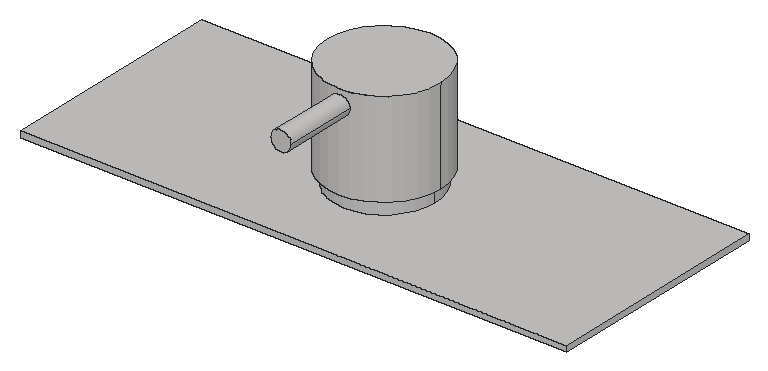
Revit family "BK1", category Generic Models, Revit 2021
Family settings
  Can host rebar = No
  Round Connector Dimension = Use Diameter
  Part Type = Normal
  Work Plane-Based = No
  Always vertical = Yes
  Cut with Voids When Loaded = No
  Shared = No
  Room Calculation Point = No
Parameters (values of type "Standard")
  e-mail = "info@vola.com"
  URL = "http://vola.com"
  Telephone = "+45 7023 5500"
  Quality management standard = "ISO 9001"
  Organisation no. / DUNS no. = "17531328"
  Occupational health and safety management standard = "ISO 18001"
  Mounting Instructions = "http://vola.com/service/producturl.ashx?name=BK1"
  Model = "BK1"
  Materials and components information = "http://vola.com/service/producturl.ashx?name=BK1"
  Manufacturer = "VOLA A/S"
  Maintenance Instructions = "http://vola.com/service/producturl.ashx?name=BK1"
  Guarantee = "2 years"
  Flow = "38,00 l/min"
  Environmental management standard = "ISO 14000"
  Default Elevation = 0.0000 mm
  Connection - All relevant connections = "½\" flexible hose"
  Approvals = "http://vola.com/service/producturl.ashx?name=BK1"
Reference planes
  plane 1 "Center (Front/Back)": y = 0
  plane 2: z = 0
  plane 3 "Center (Left/Right)": x = 0
Forms (mm)
  Extrusion 1, solid, material "Stainless Steel"
    sketch origin (-39, 0, 6.5) x (1, 0, 0) y (0, 1, 0)
      loop
        line (-57.5, 40) -> (-57.5, -40) -> (135.5, -40) -> (135.5, 40) -> (-57.5, 40)
    from -6.5 to -4.5
  Extrusion 2, solid, material "Stainless Steel"
    sketch origin (0, 0, 0) x (1, 0, 0) y (0, 1, 0)
      loop
        circle (0, 0) r 20
    from 7 to 40.5
  Extrusion 3, solid, material "Stainless Steel"
    sketch origin (0, 0, 0) x (1, 0, 0) y (0, 1, 0)
      loop
        circle (0, 0) r 18
    from 2 to 7
  Extrusion 4, solid, material "Stainless Steel"
    sketch origin (0, 0, 0.75) x (1, 0, 0) y (0, 0, 1)
      loop
        circle (0, 34.5) r 3.5
    from 19 to 45.5
Cuts and joins
  joined: Extrusion 2, Extrusion 4
Lines and regions (mm)
  model lines
    curve 1: line (6.05, 19.141, 40.5) -> (6.05, -19.141, 40.5)
    curve 2: line (-6.05, 19.141, 40.5) -> (-6.05, -19.141, 40.5)
Dimensions and locks
  aligned and locked: plane 2 to level
